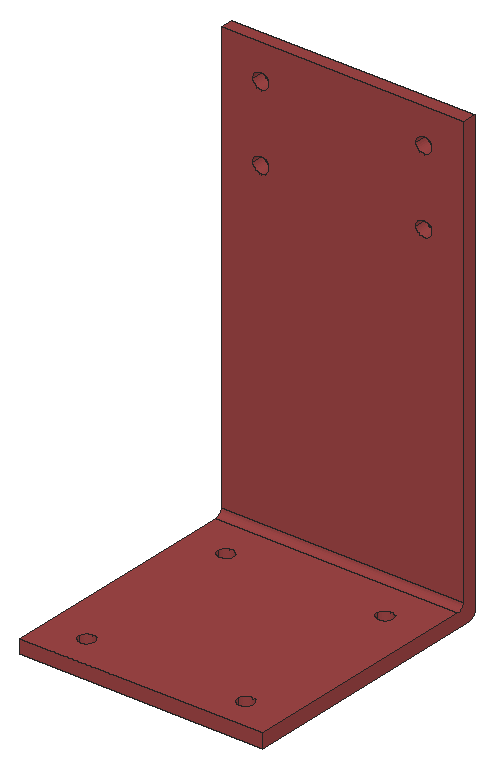
Revit family
Parameters (values of type "383315")
  URL = "www.galvinengineering.com.au"
  Type Comments = "383315"
  StyleOrType_ANZRS = "Fire Hose Reel Accessory"
  ModifiedIssue_ANZRS = 20120808.01  # constant formula
  Model = "383315"
  Manufacturer = "Galvin Engineering"
  Keynote = "10520"
  Instructions = "http://www.galvinengineering.com.au/Installation_Guides_1.aspx"
  FilterObject_ANZRS = "383315"
  DimWidth = 180.0 mm  # constant formula
  DimHeight = 335.0 mm  # constant formula
  DimDepth = 197.0 mm  # constant formula
  Description = "Fire Hose Reel Support Bracket to Suit G Series Reel (Painted)"
  CreatedBy_ANZRS = "Galvin Engineering"
  CreatedByURL_ANZRS = "www.galvinengineering.com.au"
  CreatedByPhoneNo_ANZRS = "61-8-92495900"
  Assembly Code = "D4030"
Reference planes
  plane 1 "Back": y = 0
  plane 2 "Bottom": z = 0
  plane 3 "Center (Left/Right)": x = 0
  plane 4 "Right": x = 90
  plane 5 "Top": z = 335
  plane 6 "Front": y = -197
  plane 7 "Left": x = -90
Forms (mm)
  Extrusion 1, solid, material "Metal_Fire-Fighting_Zincalume-Steel-Powder-Coated_15400"
    sketch origin (0, 0, 0) x (0, 1, 0) y (0, 0, 1)
      loop
        line (0, 335) -> (-10, 335) -> (-10, 15)
        arc (-10, 15) -> (-11.464, 11.464) -> (-15, 10) r 5
        line (-15, 10) -> (-197, 10) -> (-197, 0) -> (-5, 0)
        arc (-5, 0) -> (-1.464, 1.464) -> (0, 5) r 5
        line (0, 5) -> (0, 335)
    from -90 to 90
  Extrusion 2, void
    sketch origin (0, 0, 0) x (1, 0, 0) y (0, 1, 0)
      loop
        circle (-59.125, -44.375) r 6
      loop
        circle (59.125, -44.375) r 6
      loop
        circle (-59.125, -173.825) r 6
      loop
        circle (59.125, -173.825) r 6
    from 0 to 15
  Extrusion 3, void
    sketch origin (0, 0, 0) x (1, 0, 0) y (0, 0, 1)
      loop
        circle (-60.65, 309.15) r 6
      loop
        circle (60.65, 309.15) r 6
      loop
        circle (-60.65, 253.35) r 6
      loop
        circle (60.65, 253.35) r 6
    from 0 to 15
Cuts and joins
  Extrusion 2, Extrusion 3 cuts Extrusion 1
Dimensions and locks
  "DimHeight": plane 5 "Top" to plane 2 "Bottom"
  "DimDepth": plane 6 "Front" to plane 1 "Back"
  "DimWidth": plane 7 "Left" to plane 4 "Right"
  aligned and locked: plane 2 "Bottom" to level
  aligned and locked: plane 1 "Back" to Extrusion 1 sketch curve
  aligned and locked: plane 2 "Bottom" to Extrusion 1 sketch curve
  aligned and locked: plane 5 "Top" to Extrusion 1 sketch curve
  aligned and locked: Extrusion 1 sketch curve to plane 6 "Front"
  aligned and locked: Extrusion 1 to plane 7 "Left"
  aligned and locked: Extrusion 1 to plane 4 "Right"
Automatic sketch dimensions
  level to Extrusion 1 sketch curve = 10.0 mm
  plane 1 "Back" to Extrusion 1 sketch curve = 15.0 mm
  Extrusion 1 sketch curve to Extrusion 1 sketch curve = 5.0 mm  (x2)
  plane 7 "Left" to Extrusion 2 sketch curve = 30.875 mm  (x2)
  plane 4 "Right" to Extrusion 2 sketch curve = 30.875 mm  (x2)
  plane 7 "Left" to Extrusion 3 sketch curve = 29.35 mm  (x2)
  plane 4 "Right" to Extrusion 3 sketch curve = 29.35 mm  (x2)
  plane 5 "Top" to Extrusion 3 sketch curve = 81.65 mm  (x2)
  plane 5 "Top" to Extrusion 3 sketch curve = 25.85 mm  (x2)
  plane 1 "Back" to Extrusion 2 sketch curve = 44.375 mm  (x2)
  Extrusion 2 sketch curve to plane 6 "Front" = 23.175 mm  (x2)
  radius of Extrusion 2 sketch curve = 6.0 mm  (x4)
  radius of Extrusion 3 sketch curve = 6.0 mm  (x4)
